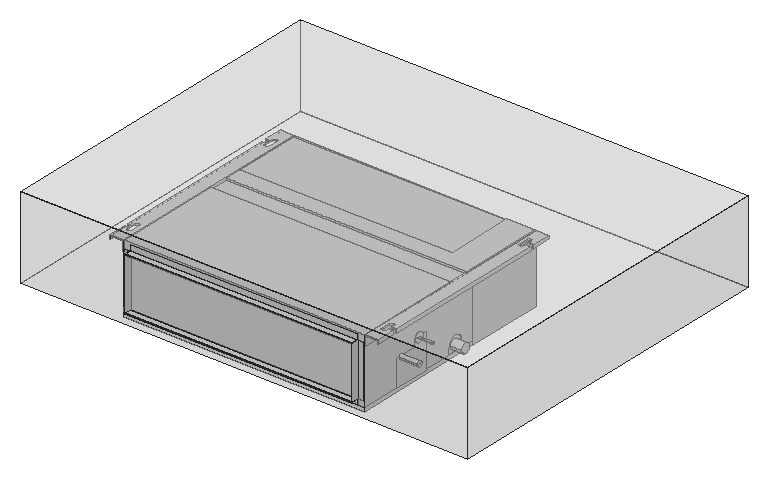
Revit family "outputfile", category 機械設備, Revit 2024
Family settings
  丸型コネクタ寸法 = 半径を使用
  パーツ タイプ = 標準
  OmniClass 番号 = 23.75.10.24.21.27.27
  OmniClass タイトル = Split System Air Conditioning Units
  作業面ベース = いいえ
  常に垂直 = はい
  ロード時にボイドで切り取り = いいえ
  注釈の向きを維持 = いいえ
  共有 = いいえ
  部屋計算ポイント = はい
Parameters (values of type "FXDQ20PDVT4")
  Description = ""
  製造元 = "Daikin"
  書き出し IFC クラス(タイプ) = "IfcUnitaryEquipmentType"
  定義済み IFC タイプ(タイプ) = "AIRCONDITIONINGUNIT"
  Cost = 0
  モデル = "FXDQ20PDVT4"
  Type Comments = ""
  Keynote = ""
  Type Image = (empty or 0)
  Assembly Code = ""
  w_pipe = 33.0 mm
  r_Liquid Pipe Size = Liquid Pipe Size / 2  # 3.2 mm
  r_Gas Pipe Size = Gas Pipe Size / 2  # 6.35 mm
  r_Drain Pipe Size = Drain Pipe Size / 2  # 10.0 mm
  lw_powersupply = 304.0 mm
  lh_suctionflange [instance] = if(Rear Connection_Return Air, 100.0 mm + [h***], 190.0 mm + [h***])  # 100.0 mm
  ld_suctionflange [instance] = if(Rear Connection_Return Air, 190.0 mm, 100.0 mm)  # 190.0 mm
  ld_powersupply = 60.0 mm
  angle_vertical_RA [instance] = if(Rear Connection_Return Air, 90.00°, 0.00°)  # 90.00°
  angle horizontal_RA [instance] = if(Rear Connection_Return Air, 180.00°, 270.00°)  # 180.00°
  Voltage_comment_60Hz = "220"
  Voltage_comment_50Hz = "220-240"
  Voltage_60Hz = 220 V
  Voltage_50Hz = 220 V
  URL = ""
  Supply Air Direction [instance] = yes
  Sound Power Level_H speed (dB) = 54
  Rear Connection_Return Air [instance] = not(Bottom Connection_Return Air)  # yes
  RA_length = 190.0 mm  # constant formula
  Phase_60Hz = 1
  Phase_50Hz = 1
  Minimum External Static Pressure = 10.00 Pa
  Minimum Circuit Amps_60Hz = 0.8 A
  Minimum Circuit Amps_50Hz = 0.7 A
  Maximum Fuse Amps_60Hz = 16.0 A
  Maximum Fuse Amps_50Hz = 16.0 A
  Maximum External Static Pressure = 30.00 Pa
  Material_Casing = DAIKIN_GalvanizedSteel_Casing_indoorunit
  lw_liquidpipe = 46.0 mm  # constant formula
  lw_gaspipe = 57.0 mm  # constant formula
  lw_mountinghole_pitch = 740.0 mm  # constant formula
  lw_mountinghole = 20.0 mm  # constant formula
  lw_drainpipe = 33.0 mm  # constant formula
  lh_powersupply = 10.0 mm
  lh_liquidpipe = 110.0 mm
  lh_gaspipe = 87.0 mm
  lh_mountinghole = Height + [h***]  # 200.0 mm
  lh_drainpipe = 30.0 mm
  lh_antena = 1.0 mm  # constant formula
  ld_liquidpipe = 193.0 mm  # constant formula
  ld_gaspipe = 130.0 mm  # constant formula
  ld_mountinghole_pitch = 500.0 mm  # constant formula
  ld_drainpipe = 280.0 mm
  ld_controlbox = 626.0 mm  # constant formula
  h*** = 0.0 mm  # constant formula
  d_dischargeflange = 21.2 mm  # constant formula
  Width = 700.0 mm
  Version = "ver.1.0"
  Unit Type = "Slim Duct (Standard) Type"
  Unit Mass Weight = 23.00 kg
  Unit Designation [instance] = ""
  Uniclass2015Version = "Products v1.30"
  Uniclass2015Title = "Variable refrigerant flow units"
  Uniclass2015Code = "Pr_70_65_03_94"
  Total Heating Capacity [instance] = 0.000 kW
  Total Cooling Capacity [instance] = 0.000 kW
  Sound Pressure Level_M speed (dBA) = 0
  Sound Pressure Level_L speed (dBA) = 23
  Sound Pressure Level_H speed (dBA) = 28
  Series = "VRV Fan Coil Unit"
  Sensible Cooling Capacity [instance] = 0.000 kW
  SA Duct Size Width = 660.0 mm
  SA Duct Size Height = 153.0 mm
  Refrigerant Type = "R410A"
  RA Duct Size Width = 600.0 mm
  RA Duct Size Height = 180.0 mm
  Power Input (Heating) = 0.067 kW
  Power Input (Cooling) = 0.067 kW
  Option Accessory 3 [instance] = ""
  Option Accessory 2 [instance] = ""
  Option Accessory 1 [instance] = ""
  Nominal Heating Capacity = 2.500 kW
  Nominal Cooling Capacity = 2.200 kW
  Minimum Airflow = 384.00 m³/h
  Median Airflow = 432.00 m³/h
  Maximum Airflow = 480.00 m³/h
  Load Classification = HVAC
  Liquid Pipe Size = 6.4 mm
  Link_Nested Family [instance] = ""
  IfcVersion = "0"
  IfcExportType = "AIRCONDITIONINGUNIT"
  IfcExportAs = "IfcUnitaryEquipmentType"
  Height = 200.0 mm
  Heating Entering Wet Bulb Temperature [instance] = 0.00 °C
  Heating Entering Dry Bulb Temperature [instance] = 0.00 °C
  Heating Ambient Wet Bulb Temperature [instance] = 0.00 °C
  Heating Ambient Dry Bulb Temperature [instance] = 0.00 °C
  Heat Exchanger Type = "Cross Fin Coil"
  Gas Pipe Size = 12.7 mm
  Frequency_60Hz = 60 Hz
  Frequency_50Hz = 50 Hz
  Fan Type = "Sirocco Fan"
  Fan Drive = "Direct Drive"
  FCU Tag No. [instance] = ""
  Drain Pipe Size = 20.0 mm
  Design Supply Airflow [instance] = 0.00 m³/h
  Design Return Airflow [instance] = 0.00 m³/h
  Design External Static Pressure [instance] = 0.00 Pa
  Depth = 620.0 mm
  既定の高さ = 0.0 mm
  Cooling Entering Wet Bulb Temperature [instance] = 0.00 °C
  Cooling Entering Dry Bulb Temperature [instance] = 0.00 °C
  Cooling Ambient Wet Bulb Temperature [instance] = 0.00 °C
  Cooling Ambient Dry Bulb Temperature [instance] = 0.00 °C
  Clearance visibility [instance] = yes
  Clearance Top = 20.0 mm
  Clearance Right = 300.0 mm
  Clearance Rear = 400.0 mm
  Clearance Left = 300.0 mm
  Clearance Front = 0.0 mm
  Clearance Bottom = 20.0 mm
  Bottom Connection_Return Air [instance] = no
Reference planes
  plane 1 "Center (Front/Back)": y = 0
  plane 2: z = 0
  plane 3 "Center (Left/Right)": x = 0
  plane 4 "Back": y = 310
  plane 5 "Front": y = -310
  plane 6 "Left": x = -350
  plane 7 "Right": x = 350
  plane 8 "Top": z = 0
  plane 9 "Bottom": z = -200
  plane 10: x = 330
  plane 11: x = -330
  plane 12: z = -190
  plane 13: z = -6
  plane 14: z = -22
  plane 15: z = -90
  plane 16: z = -113
  plane 17: x = -304
  plane 18: x = 304
  plane 19: x = -370
  plane 20: x = 370
  plane 21: y = -250
  plane 22: y = 250
  plane 23: x = -390
  plane 24: x = 390
  plane 25: x = 396
  plane 26: x = 407
  plane 27: x = 383
  plane 28: z = 0
  plane 29: z = -170
  plane 30 "Clearance Left": x = -650
  plane 31 "Clearance Right": x = 650
  plane 32 "Clearance Rear": y = 710
  plane 33 "Clearance Front": y = -310
  plane 34 "Clearance Top": z = 20
  plane 35 "Clearance Bottom": z = -220
  plane 36: z = -21
  plane 37: z = -170
  plane 38: z = -96.5
  plane 39: x = -40
  plane 40: y = -180
  plane 41: y = -117
  plane 42: y = -30
  plane 43: y = 20
  plane 44: z = -97.5
  plane 45: y = -309
  plane 46: x = -349
  plane 47: z = -100
  plane 48: z = -30
  plane 49: y = 210
  plane 50: z = 301
  plane 51: z = -199
  plane 52: y = 120
  plane 53: z = -101
  plane 54: x = 380
  plane 55: z = 11
  plane 56: z = 102.5
Forms (mm)
  Extrusion 1, solid
    sketch origin (0, 0, 0) x (1, 0, 0) y (0, 0, 1)
      loop
        line (-350, -190) -> (-350, -200) -> (350, -200) -> (350, -190) -> (-350, -190)
    from -84 to 310
  Extrusion 2, solid, material "DAIKIN_GalvanizedSteel_Casing_indoorunit" <- "Material_Casing"
    sketch origin (0, 0, 0) x (1, 0, 0) y (0, 1, 0)
      loop
        line (-350, -309) -> (350, -309) -> (350, 310) -> (-350, 310) -> (-350, -309)
    from -200 to 0
  Extrusion 3, void
    sketch origin (0, 0, 1) x (1, 0, 0) y (0, 1, 0)
      loop
        line (-350, 62.179) -> (-350, 4.179) -> (350, 4.179) -> (350, 62.179) -> (-350, 62.179)
    from -1 to -7
  Extrusion 4, void
    sketch origin (0, 0, 0) x (0, 1, 0) y (0, 0, 1)
      loop
        line (-5, -190) -> (45, -190) -> (45, -170)
        arc (45, -170) -> (20, -145) -> (-5, -170) r 25
        line (-5, -170) -> (-5, -190)
    from 350 to 345
  Revolve 5, solid, material "DAIKIN_GalvanizedSteel_Casing_indoorunit" <- "Material_Casing"
    sketch origin (0, 0, -113) x (0, -1, 0) y (1, 0, 0)
      loop
        line (173.65, 351) -> (180, 351) -> (180, 407) -> (173.65, 407) -> (173.65, 351)
      axis (180, 351) -> (180, 407)
    angle from 0 to 360
  Revolve 6, solid, material "DAIKIN_GalvanizedSteel_Casing_indoorunit" <- "Material_Casing"
    sketch origin (0, 0, -90) x (0, -1, 0) y (1, 0, 0)
      loop
        line (117, 351) -> (117, 396) -> (113.8, 396) -> (113.8, 351) -> (117, 351)
      axis (117, 396) -> (117, 351)
    angle from 0 to 360
  Extrusion 7, solid, material "DAIKIN_GalvanizedSteel_Casing_indoorunit" <- "Material_Casing"
    sketch origin (0, 0, 0) x (0, 1, 0) y (0, 0, 1)
      loop
        circle (-116, -90) r 12.7
    from 350 to 355.007
  Extrusion 8, solid, material "DAIKIN_GalvanizedSteel_Casing_indoorunit" <- "Material_Casing"
    sketch origin (0, 0, 0) x (0, 1, 0) y (0, 0, 1)
      loop
        circle (20, -170) r 13
    from 345 to 380
  Extrusion 9, solid, material "DAIKIN_GalvanizedSteel_Casing_indoorunit" <- "Material_Casing"
    sketch origin (0, 0, 0) x (1, 0, 0) y (0, 0, 1)
      loop
        line (-350, -190) -> (-350, -200) -> (350, -200) -> (350, -190) -> (-350, -190)
    from -84 to 310
  Extrusion 10, solid, material "DAIKIN_GalvanizedSteel_Casing_indoorunit" <- "Material_Casing", visible <- "Bottom Connection_Return Air"
    sketch origin (0, 0, 0) x (1, 0, 0) y (0, 0, 1)
      loop
        line (269, -200) -> (269, -1) -> (-349, -1) -> (-349, -200) -> (269, -200)
    from -310 to -309
  Extrusion 11, void
    sketch origin (0, 0, 0) x (1, 0, 0) y (0, 0, 1)
      loop
        line (269, 0) -> (-349, 0) -> (-349, -1) -> (269, -1) -> (269, 0)
    from -310 to -111
  Extrusion 12, solid, material "DAIKIN_GalvanizedSteel_Casing_indoorunit" <- "Material_Casing", visible <- "Rear Connection_Return Air"
    sketch origin (0, 0, 0) x (1, 0, 0) y (0, 1, 0)
      loop
        line (-349, 310) -> (-349, 111) -> (269, 111) -> (269, 310) -> (-349, 310)
    from -200 to -199
  Extrusion 13, solid, material "DAIKIN_GalvanizedSteel_Casing_indoorunit" <- "Material_Casing"
    sketch origin (0, 0, 0) x (0, 1, 0) y (0, 0, 1)
      loop
        line (-194, -113) -> (-194, -190) -> (-88.3, -190) -> (-88.3, -90) -> (-103.3, -90)
        arc (-103.3, -90) -> (-116, -102.7) -> (-128.7, -90) r 12.7
        line (-128.7, -90) -> (-128.7, -113) -> (-173.65, -113)
        arc (-173.65, -113) -> (-180, -119.35) -> (-186.35, -113) r 6.35
        line (-186.35, -113) -> (-194, -113)
    from 351 to 350
  Extrusion 14, solid, material "DAIKIN_GalvanizedSteel_Casing_indoorunit" <- "Material_Casing"
    sketch origin (0, 0, 0) x (0, 1, 0) y (0, 0, 1)
      loop
        line (84, -199) -> (310, -199) -> (310, -22) -> (91, -22) -> (84, -29) -> (84, -199)
    from 351 to 350
Cuts and joins
  Extrusion 3, Extrusion 4, Extrusion 11 cuts Extrusion 2
  Extrusion 4 cuts Extrusion 1
  Extrusion 11 cuts Extrusion 9
Dimensions and locks
  "lh_powersupply": plane 12 to plane 9 "Bottom"
  locked: plane 8 "Top" to plane 13 at 6
  "Height": plane 8 "Top" to plane 9 "Bottom"
  equal spacing: plane 17, plane 3 "Center (Left/Right)", plane 18, locked at 304 each
  locked: plane 17 to plane 18 at 608
  equal spacing: plane 19, plane 3 "Center (Left/Right)", plane 20, locked at 370 each
  "lw_mountinghole_pitch": plane 19 to plane 20
  locked: plane 14 to plane 9 "Bottom" at 178
  "lw_mountinghole": plane 23 to plane 19
  "lh_liquidpipe": plane 15 to plane 9 "Bottom"
  "lh_gaspipe": plane 16 to plane 9 "Bottom"
  "lh_mountinghole": plane 28 to plane 9 "Bottom"
  "ld_mountinghole_pitch": plane 22 to plane 21
  equal spacing: plane 6 "Left", plane 3 "Center (Left/Right)", plane 7 "Right", locked at 350 each
  "Width": plane 6 "Left" to plane 7 "Right"
  "lh_drainpipe": plane 29 to plane 9 "Bottom"
  "Clearance Right": plane 7 "Right" to plane 31 "Clearance Right"
  "Clearance Left": plane 30 "Clearance Left" to plane 6 "Left"
  "lw_gaspipe": plane 7 "Right" to plane 26
  "lw_liquidpipe": plane 7 "Right" to plane 25
  "lw_drainpipe": plane 7 "Right" to plane 27
  "Clearance Rear": plane 32 "Clearance Rear" to plane 4 "Back"
  "Clearance Front": plane 5 "Front" to plane 33 "Clearance Front"
  "Clearance Top": plane 34 "Clearance Top" to plane 8 "Top"
  "Clearance Bottom": plane 9 "Bottom" to plane 35 "Clearance Bottom"
  "ld_powersupply": plane 4 "Back" to plane 22
  "lw_powersupply": plane 3 "Center (Left/Right)" to plane 18
  locked: plane 8 "Top" to plane 36 at 21
  locked: plane 8 "Top" to plane 37 at 170
  locked: plane 40 to plane 41 at 63
  locked: plane 38 to plane 9 "Bottom" at 103.5
  locked: plane 36 to plane 44 at 76.5
  "Depth": plane 4 "Back" to plane 5 "Front"
  equal spacing: plane 4 "Back", plane 1 "Center (Front/Back)", plane 5 "Front"
  locked: plane 45 to plane 5 "Front" at 1
  locked: plane 46 to plane 6 "Left" at 1
  Extrusion 10 sketch curve to Extrusion 10 sketch curve = 199.0 mm
  locked: nested 12 to plane 39 at 300
  locked: plane 12 to plane 47 at 90
  plane 32 "Clearance Rear" to Extrusion 10 = 401.0 mm
  locked: plane 48 to plane 35 "Clearance Bottom" at 190
  locked: plane 49 to nested 13 at 90
  plane 50 to plane 28 = 301.0 mm
  locked: plane 51 to plane 9 "Bottom" at 1
  "ld_suctionflange": plane 4 "Back" to plane 52
  locked: plane 53 to plane 9 "Bottom" at 99
  locked: plane 54 to plane 7 "Right" at 30
  aligned and locked: level to plane 2
  aligned and locked: Extrusion 2 to plane 9 "Bottom"
  aligned and locked: plane 8 "Top" to Extrusion 2
  aligned and locked: Revolve 5 sketch curve to Revolve 5 sketch curve
  aligned and locked: plane 15 to Extrusion 7 sketch curve
  aligned and locked: cut or joined group of Extrusion 1, Extrusion 4 to plane 9 "Bottom"
  aligned and locked: plane 24 to nested 1
  aligned and locked: nested 1 to plane 23
  aligned and locked: plane 25 to nested 6
  aligned and locked: nested 6 to plane 15
  aligned and locked: nested 2 to plane 22
  aligned and locked: plane 20 to nested 2
  aligned and locked: plane 20 to nested 3
  aligned and locked: plane 19 to nested 4
  aligned and locked: plane 22 to nested 5
  aligned and locked: nested 5 to plane 22
  aligned and locked: plane 19 to nested 5
  aligned and locked: plane 22 to nested 11
  aligned and locked: plane 18 to nested 11  (x2)
  aligned and locked: nested 11 to plane 18
  aligned and locked: plane 4 "Back" to nested 11
  aligned and locked: cut or joined group of Extrusion 2, Extrusion 3, Extrusion 4, Extrusion 11 to nested 11
  aligned and locked: nested 11 to plane 12
  aligned and locked: plane 8 "Top" to nested 1
  aligned and locked: Extrusion 9 to plane 5 "Front"
  aligned and locked: Extrusion 9 to plane 9 "Bottom"
  aligned and locked: nested 7 to plane 16
  aligned and locked: plane 4 "Back" to nested 1
  aligned and locked: plane 40 to nested 7
  aligned and locked: plane 41 to nested 6
  aligned and locked: Extrusion 8 sketch curve to plane 43
  aligned and locked: nested 12 to plane 46
  aligned and locked: plane 4 "Back" to Extrusion 11
  aligned and locked: Extrusion 12 to nested 13
  aligned and locked: plane 8 "Top" to Extrusion 3
  aligned and locked: Extrusion 10 to cut or joined group of Extrusion 2, Extrusion 3, Extrusion 4, Extrusion 11
  aligned and locked: plane 9 "Bottom" to Extrusion 12  (x2)
  aligned and locked: Extrusion 12 to plane 51
  aligned and locked: plane 4 "Back" to nested 12
  aligned and locked: Extrusion 11 to level
  aligned and locked: plane 32 "Clearance Rear" to nested 14
  aligned and locked: plane 31 "Clearance Right" to nested 14
  aligned and locked: plane 30 "Clearance Left" to nested 14
  aligned and locked: nested 14 to plane 33 "Clearance Front"
  aligned and locked: nested 14 to plane 34 "Clearance Top"
  aligned and locked: nested 14 to plane 35 "Clearance Bottom"
  aligned and locked: plane 7 "Right" to Extrusion 13
  aligned and locked: plane 4 "Back" to Extrusion 14
  aligned and locked: Extrusion 14 to plane 51
  aligned and locked: plane 7 "Right" to Extrusion 14
  aligned and locked: Extrusion 13 to Revolve 5 sketch curve
  aligned and locked: Extrusion 3 to plane 13
  aligned and locked: plane 52 to nested 15
  aligned and locked: Extrusion 11 to nested 13
  aligned and locked: Extrusion 8 to plane 54
  aligned and locked: nested 8 to plane 54
  aligned and locked: plane 43 to nested 8
  aligned and locked: nested 8 to plane 37
  aligned and locked: nested 10 to plane 1 "Center (Front/Back)"
  aligned and locked: plane 46 to Extrusion 10
  aligned and locked: nested 12 to plane 51
  aligned and locked: plane 3 "Center (Left/Right)" to nested 10
  aligned and locked: plane 13 to nested 16
  aligned and locked: plane 45 to nested 16
  aligned and locked: plane 44 to nested 9
  aligned and locked: level to plane 8 "Top"
Automatic sketch dimensions
  Extrusion 1 sketch curve to plane 6 "Left" = 0.0 mm
  Extrusion 1 sketch curve to plane 7 "Right" = 0.0 mm
  Extrusion 1 sketch curve to plane 9 "Bottom" = 0.0 mm
  Extrusion 1 sketch curve to plane 12 = 0.0 mm
  Extrusion 2 sketch curve to plane 4 "Back" = 0.0 mm
  Extrusion 2 sketch curve to plane 6 "Left" = 0.0 mm
  Extrusion 2 sketch curve to plane 7 "Right" = 0.0 mm
  Extrusion 2 sketch curve to plane 45 = 0.0 mm
  Extrusion 3 sketch curve to plane 6 "Left" = 0.0 mm
  Extrusion 3 sketch curve to plane 7 "Right" = 0.0 mm
  Extrusion 3 sketch curve to plane 1 "Center (Front/Back)" = 4.179 mm
  plane 43 to Extrusion 3 sketch curve = 42.179 mm
  Extrusion 4 sketch curve to plane 37 = 0.0 mm
  Extrusion 4 sketch curve to plane 12 = 0.0 mm
  Extrusion 4 sketch curve to plane 43 = 0.0 mm
  plane 1 "Center (Front/Back)" to Extrusion 4 sketch curve = 5.0 mm
  Revolve 6 sketch curve to plane 25 = 0.0 mm  (x2)
  Revolve 6 sketch curve to plane 41 = 0.0 mm  (x2)
  plane 41 to Revolve 6 sketch curve = 3.2 mm
  plane 7 "Right" to Revolve 6 sketch curve = 1.0 mm
  Revolve 6 sketch curve to Revolve 6 sketch curve = 0.0 mm
  plane 41 to Extrusion 7 sketch curve = 1.0 mm
  Extrusion 8 sketch curve to plane 37 = 0.0 mm
  Extrusion 9 sketch curve to plane 6 "Left" = 0.0 mm
  Extrusion 9 sketch curve to plane 7 "Right" = 0.0 mm
  Extrusion 9 sketch curve to plane 9 "Bottom" = 0.0 mm
  Extrusion 9 sketch curve to plane 12 = 0.0 mm
  plane 46 to Extrusion 10 sketch curve = 0.0 mm
  Extrusion 10 sketch curve to plane 18 = 35.0 mm
  plane 46 to Extrusion 11 sketch curve = 0.0 mm
  Extrusion 11 sketch curve to plane 18 = 35.0 mm
  Extrusion 11 sketch curve to plane 8 "Top" = 1.0 mm
  Extrusion 12 sketch curve to plane 46 = 0.0 mm
  Extrusion 12 sketch curve to plane 4 "Back" = 0.0 mm
  Extrusion 12 sketch curve to plane 18 = 35.0 mm
  plane 43 to Extrusion 12 sketch curve = 91.0 mm
  plane 35 "Clearance Bottom" to Extrusion 11 sketch curve = 220.0 mm
  Extrusion 10 sketch curve to plane 51 = 1.0 mm
  Extrusion 13 sketch curve to plane 12 = 0.0 mm
  Extrusion 13 sketch curve to plane 16 = 0.0 mm
  Extrusion 13 sketch curve to plane 40 = 0.0 mm
  Extrusion 13 sketch curve to plane 15 = 0.0 mm
  Extrusion 13 sketch curve to Extrusion 13 sketch curve = 6.35 mm
  Extrusion 13 sketch curve to Extrusion 13 sketch curve = 7.65 mm
  Extrusion 13 sketch curve to plane 41 = 11.7 mm
  plane 41 to Extrusion 13 sketch curve = 1.0 mm
  Extrusion 13 sketch curve to Extrusion 13 sketch curve = 27.7 mm
  Extrusion 14 sketch curve to plane 51 = 0.0 mm
  Extrusion 14 sketch curve to plane 14 = 0.0 mm
  plane 48 to Extrusion 14 sketch curve = 1.0 mm
  plane 43 to Extrusion 14 sketch curve = 64.0 mm
  Extrusion 14 sketch curve to Extrusion 14 sketch curve = 7.0 mm
  Extrusion 14 sketch curve to plane 4 "Back" = 0.0 mm
  Revolve 5 sketch curve to plane 26 = 0.0 mm
  Revolve 5 sketch curve to plane 40 = 0.0 mm
  Revolve 5 sketch curve to Revolve 5 sketch curve = 1.003 mm  (x2)
  plane 40 to Revolve 5 sketch curve = 6.35 mm
  radius of Extrusion 7 sketch curve = 12.7 mm
  radius of Extrusion 8 sketch curve = 13.0 mm
Nested families
  nested 1: "daikin_hangerfixture_FXDQ-PDVT4" at (0, 0.5, 0), type "daikin_hangerfixture_FXDQ-PDVT4"
  nested 2: "daikin_mountinghole" at (370, 250, -200), l_antenna <- "lh_antena", Link_Nested Family <- "Link_Nested Family", h_mountinghole <- "lh_mountinghole", type "daikin_mountinghole"
    with show yes, l_antenna 1.0 mm, h_mountinghole 200.0 mm, Link_Nested Family ""
  nested 3: "daikin_mountinghole" at (370, -250, -200), Link_Nested Family <- "Link_Nested Family", l_antenna <- "lh_antena", h_mountinghole <- "lh_mountinghole", type "daikin_mountinghole"
    with show yes, l_antenna 1.0 mm, h_mountinghole 200.0 mm, Link_Nested Family ""
  nested 4: "daikin_mountinghole" at (-370, -250, -200), l_antenna <- "lh_antena", Link_Nested Family <- "Link_Nested Family", h_mountinghole <- "lh_mountinghole", type "daikin_mountinghole"
    with show yes, l_antenna 1.0 mm, h_mountinghole 200.0 mm, Link_Nested Family ""
  nested 5: "daikin_mountinghole" at (-370, 250, -200), l_antenna <- "lh_antena", Link_Nested Family <- "Link_Nested Family", h_mountinghole <- "lh_mountinghole", type "daikin_mountinghole"
    with show yes, l_antenna 1.0 mm, h_mountinghole 200.0 mm, Link_Nested Family ""
  nested 6: "daikin_connector_rotate2" at (350, -117, -90) x (0, 1, 0) z (0, 0, 1), length <- "lw_liquidpipe", built-in parameter 1001364 <- "lh_liquidpipe", radius <- "r_Liquid Pipe Size", type "daikin_connector_rotate2"
    with radius 3.2 mm, length 46.0 mm, angle_vertical 90.00°, show_face no
  nested 7: "daikin_connector_rotate2" at (350, -180, -113) x (0, 1, 0) z (0, 0, 1), length <- "lw_gaspipe", built-in parameter 1001364 <- "lh_gaspipe", radius <- "r_Gas Pipe Size", type "daikin_connector_rotate2"
    with radius 6.35 mm, length 57.0 mm, angle_vertical 90.00°, show_face no
  nested 8: "daikin_connector_rotate2" at (347, 20, -170) x (0, 1, 0) z (0, 0, 1), built-in parameter 1001364 <- "lh_drainpipe", length <- "lw_drainpipe", radius <- "r_Drain Pipe Size", type "daikin_connector_rotate2"
    with radius 10.0 mm, length 33.0 mm, angle_vertical 90.00°, show_face no
  nested 9: "daikin_connector_rotate2" at (0, -309, -97.5), length <- "d_dischargeflange", type "daikin_connector_rotate2"
    with radius 10.0 mm, length 21.2 mm, angle_vertical 90.00°, show_face no
  nested 10: "daikin_△_symbolicline" at (-75, -129.904, 200) x (-0.5, 0.866, 0) z (0, 0, 1), built-in parameter 1001364 <- "Height", visible <- "Supply Air Direction", type "daikin_△_symbolicline"
    with length 300.0 mm
  nested 11: "daikin_connector_rotate2" at (304, 250, -190) x (-1, 0, 0) z (0, 0, 1), built-in parameter 1001364 <- "lh_powersupply", length <- "ld_powersupply", type "daikin_connector_rotate2"
    with radius 10.0 mm, length 60.0 mm, angle_vertical 90.00°, show_face no
  nested 12: "daikin_ductflange_FXDQ-PDVT4_2" at (-40, 310, -100), visible <- "Rear Connection_Return Air", material <- "Material_Casing", type "daikin_ductflange_FXDQ-PDVT4_2"
    with width 620.0 mm, material DAIKIN_GalvanizedSteel_Casing_indoorunit, height 180.0 mm, depth 21.2 mm
  nested 13: "daikin_ductflange_FXDQ-PDVT4_2" at (-40, 210, -200) x (1, 0, 0) z (0, 1, 0), visible <- "Bottom Connection_Return Air", material <- "Material_Casing", type "daikin_ductflange_FXDQ-PDVT4_2"
    with width 620.0 mm, material DAIKIN_GalvanizedSteel_Casing_indoorunit, height 180.0 mm, depth 21.2 mm
  nested 14: "daikin_clearancespace" at (0, 200, -99.881), visible <- "Clearance visibility", show <- "Clearance visibility", Link_Nested Family <- "Link_Nested Family", type "daikin_clearancespace"
    with width 1300.0 mm, show yes, height 240.0 mm, depth 1020.0 mm, Link_Nested Family ""
  nested 15: "daikin_connector_rotate3" at (-40, 120, -100), built-in parameter 1001364 <- "lh_suctionflange", angle_vertical <- "angle_vertical_RA", angle_horizontal <- "angle horizontal_RA", length <- "RA_length", type "daikin_connector_rotate3"
    with show no, radius 10.0 mm, length 190.0 mm, angle_vertical 90.00°, angle_horizontal 180.00°
  nested 16: "daikin_ductflange_FXDQ-PDVT4_1" at (0, 4.5, -364.201), type "daikin_ductflange_FXDQ-PDVT4_1"
    with width 660.0 mm, material DAIKIN_GalvanizedSteel_Casing_indoorunit, height 155.0 mm, depth 21.2 mm
Connectors
  piping at (407, -180, -113), diameter 12.7, driven by "r_Gas Pipe Size"
    settings: on nested 7, index 1, connector inside diameter 609.6 mm, connector length 0.0 mm, flow factor 0, pipe flow 0.00 m³/h, pressure drop 0.0 Pa, fitting loss kfactor 0, connector angle 0.00°, fixture units 0, engagement length 0.0 mm, angle of deflection 0.00°, flow configuration 1, flow direction 2, fitting loss method 0, system type 29, joint type 0, gender type 0, connector reference index -1, connector utility 0, adjustable connector no, is connector primary yes, connector description "Refrigerant Gas Piping"
  piping at (396, -117, -90), diameter 6.4, driven by "r_Liquid Pipe Size"
    settings: on nested 6, index 2, connector inside diameter 609.6 mm, connector length 0.0 mm, flow factor 0, pipe flow 0.00 m³/h, pressure drop 0.0 Pa, fitting loss kfactor 0, connector angle 0.00°, fixture units 0, engagement length 0.0 mm, angle of deflection 0.00°, flow configuration 1, flow direction 1, fitting loss method 0, system type 29, joint type 0, gender type 0, connector reference index -1, connector utility 0, adjustable connector no, is connector primary no, connector description "Refrigerant Liquid Piping"
  piping at (380, 20, -170), diameter 20, driven by "r_Drain Pipe Size"
    settings: on nested 8, index 3, connector inside diameter 609.6 mm, connector length 0.0 mm, flow factor 0, pipe flow 0.00 m³/h, pressure drop 0.0 Pa, fitting loss kfactor 0, connector angle 0.00°, fixture units 0, engagement length 0.0 mm, angle of deflection 0.00°, flow configuration 1, flow direction 2, fitting loss method 4, system type 16, joint type 0, gender type 0, connector reference index -1, connector utility 0, adjustable connector no, is connector primary no, connector description "Condensate Drain Piping"
  hvac at (0, -330.2, -97.5), driven by "SA Duct Size Height", driven by "SA Duct Size Width"
    settings: on nested 9, index 7, duct flow 0.00 m³/h, flow factor 0, pres drop 0.00 Pa, loss coef 0, conn angle 0.00°, conn width 660.0 mm, conn height 153.0 mm, conn diameter 609.6 mm, duct sys type 1, conn prof type 1, flow config 0, flow direction 2, loss method 4, conn ref index -1, conn util no, is conn primary yes, conn desc "SA Duct"
  electrical at (304, 310, -190), driven by "Load Classification"
    settings: on nested 11, index 9, voltage 0 V, apparent load 0 VA, apparent load phase1 0 VA, apparent load phase2 0 VA, apparent load phase3 0 VA, power factor 1, load classification "HVAC", number of poles 1, system type 30, power factor state 1, is connector primary yes, connector utility no, sub classification motor no, connector description "Power Supply"
  hvac at (-40, 310, -100), driven by "RA Duct Size Height", driven by "RA Duct Size Width"
    settings: on nested 15, index 10, duct flow 0.00 m³/h, flow factor 0, pres drop 0.00 Pa, loss coef 0, conn angle 0.00°, conn width 600.0 mm, conn height 180.0 mm, conn diameter 609.6 mm, duct sys type 2, conn prof type 1, flow config 0, flow direction 1, loss method 4, conn ref index -1, conn util no, is conn primary no, conn desc "RA Duct"
Definition of nested family "daikin_hangerfixture_FXDQ-PDVT4"
  Parameters (values of type "daikin_hangerfixture_FXDQ-PDVE")
    width = 48.0 mm
    material = none
    height = 65.0 mm
    depth = 619.0 mm
    Default Elevation = 0.0 mm
  Reference planes
    plane 1 "Center (Front/Back)": y = 0
    plane 2: z = 0
    plane 3 "Center (Left/Right)": x = 0
    plane 4: x = 350
    plane 5: y = 309.5
    plane 6: y = -309.5
  Forms (mm)
    Extrusion 1, solid, material <- "material"
      sketch origin (0, 0, 0) x (1, 0, 0) y (0, 0, 1)
        loop
          line (350, 0) -> (350, -30) -> (352.3, -30) -> (352.3, -2.3) -> (387.7, -2.3) -> (387.7, -10) -> (390, -10) -> (390, 0) -> (350, 0)
      from -309.5 to 309.5
    Extrusion 2, void
      sketch origin (0, 0, 0) x (0, 1, 0) y (0, 0, 1)
        loop
          line (309.5, -30) -> (309.5, -17.979) -> (87.935, -17.979) -> (75.914, -30) -> (309.5, -30)
      from 0 to 618
    Extrusion 3, void
      sketch origin (0, 0, 0) x (1, 0, 0) y (0, 1, 0)
        loop
          line (390, -244) -> (377, -244) -> (377, -237.5)
          arc (377, -237.5) -> (370, -230.5) -> (363, -237.5) r 7
          line (363, -237.5) -> (363, -263.5)
          arc (363, -263.5) -> (370, -270.5) -> (377, -263.5) r 7
          line (377, -263.5) -> (377, -257) -> (390, -257) -> (390, -244)
        loop
          line (390, 243) -> (390, 256) -> (377, 256) -> (377, 262.5)
          arc (377, 262.5) -> (370, 269.5) -> (363, 262.5) r 7
          line (363, 262.5) -> (363, 236.5)
          arc (363, 236.5) -> (370, 229.5) -> (377, 236.5) r 7
          line (377, 236.5) -> (377, 243) -> (390, 243)
      from -254.96 to 618
    Extrusion 4, solid, material <- "material"
      sketch origin (0, 0, 0) x (-1, 0, 0) y (0, 0, -1)
        loop
          line (350, 0) -> (390, 0) -> (390, 10) -> (387.7, 10) -> (387.7, 2.3) -> (352.3, 2.3) -> (352.3, 30) -> (350, 30) -> (350, 0)
      from -309.5 to 309.5
    Extrusion 5, void
      sketch origin (0, 0, 0) x (-1, 0, 0) y (0, -1, 0)
        loop
          line (390, 244) -> (390, 257) -> (377, 257) -> (377, 263.5)
          arc (377, 263.5) -> (370, 270.5) -> (363, 263.5) r 7
          line (363, 263.5) -> (363, 237.5)
          arc (363, 237.5) -> (370, 230.5) -> (377, 237.5) r 7
          line (377, 237.5) -> (377, 244) -> (390, 244)
        loop
          line (390, -243) -> (377, -243) -> (377, -236.5)
          arc (377, -236.5) -> (370, -229.5) -> (363, -236.5) r 7
          line (363, -236.5) -> (363, -262.5)
          arc (363, -262.5) -> (370, -269.5) -> (377, -262.5) r 7
          line (377, -262.5) -> (377, -256) -> (390, -256) -> (390, -243)
      from -254.96 to 618
  Cuts and joins
    Extrusion 2, Extrusion 3, Extrusion 5 cuts Extrusion 1
    Extrusion 5 cuts Extrusion 4
  Dimensions and locks
    locked: plane 4 to plane 3 "Center (Left/Right)" at 350
    equal spacing: plane 5, plane 1 "Center (Front/Back)", plane 6
    "depth": plane 5 to plane 6
    locked: plane 3 "Center (Left/Right)" to plane 4 at 350
    plane 6 to plane 1 "Center (Front/Back)" to plane 5 = 309.5 mm, 309.5 mm
    aligned and locked: level to plane 2
    aligned and locked: plane 5 to Extrusion 1
    aligned and locked: Extrusion 1 to plane 6
    aligned and locked: Extrusion 1 to plane 4
    aligned and locked: plane 5 to cut or joined group of Extrusion 1, Extrusion 2, Extrusion 3, Extrusion 5
    aligned and locked: cut or joined group of Extrusion 1, Extrusion 2, Extrusion 3, Extrusion 5 to plane 6
    aligned and locked: level to cut or joined group of Extrusion 1, Extrusion 2, Extrusion 3, Extrusion 5
    aligned and locked: plane 5 to cut or joined group of Extrusion 4, Extrusion 5
    aligned and locked: cut or joined group of Extrusion 4, Extrusion 5 to plane 6
  Automatic sketch dimensions
    Extrusion 1 sketch curve to plane 4 = 0.0 mm
    Extrusion 1 sketch curve to level = 0.0 mm
    plane 4 to Extrusion 1 sketch curve = 2.3 mm
    Extrusion 1 sketch curve to level = 2.3 mm
    Extrusion 1 sketch curve to Extrusion 1 sketch curve = 35.4 mm
    Extrusion 1 sketch curve to Extrusion 1 sketch curve = 2.3 mm
    Extrusion 1 sketch curve to Extrusion 1 sketch curve = 7.7 mm
    Extrusion 1 sketch curve to Extrusion 1 sketch curve = 27.7 mm
    Extrusion 2 sketch curve to plane 5 = 0.0 mm
    Extrusion 2 sketch curve to level = 17.979 mm
    Extrusion 2 sketch curve to plane 1 "Center (Front/Back)" = 87.935 mm
    Extrusion 2 sketch curve to level = 30.0 mm
    Extrusion 2 sketch curve to Extrusion 2 sketch curve = 12.021 mm
    plane 4 to Extrusion 3 sketch curve = 13.0 mm  (x2)
    Extrusion 3 sketch curve to Extrusion 3 sketch curve = 7.0 mm  (x4)
    Extrusion 3 sketch curve to Extrusion 3 sketch curve = 13.0 mm  (x4)
    plane 6 to Extrusion 3 sketch curve = 46.0 mm
    Extrusion 3 sketch curve to Extrusion 3 sketch curve = 6.5 mm  (x4)
    Extrusion 3 sketch curve to plane 5 = 73.0 mm
    Extrusion 4 sketch curve to level = 0.0 mm
    Extrusion 4 sketch curve to level = 30.0 mm
    Extrusion 4 sketch curve to plane 3 "Center (Left/Right)" = 350.0 mm
    Extrusion 4 sketch curve to Extrusion 4 sketch curve = 2.3 mm  (x2)
    Extrusion 4 sketch curve to level = 2.3 mm
    Extrusion 4 sketch curve to Extrusion 4 sketch curve = 35.4 mm
    Extrusion 4 sketch curve to Extrusion 4 sketch curve = 7.7 mm
    Extrusion 5 sketch curve to plane 5 = 73.0 mm
    Extrusion 5 sketch curve to plane 3 "Center (Left/Right)" = 363.0 mm  (x2)
    plane 6 to Extrusion 5 sketch curve = 72.0 mm
    Extrusion 5 sketch curve to Extrusion 5 sketch curve = 7.0 mm  (x4)
    Extrusion 5 sketch curve to Extrusion 5 sketch curve = 13.0 mm  (x4)
    Extrusion 5 sketch curve to Extrusion 5 sketch curve = 6.5 mm  (x4)
Definition of nested family "daikin_ductflange_FXDQ-PDVT4_2"
  Parameters (values of type "daikin_ductflange_FXDQ-PDVE2")
    width [instance] = 620.0 mm
    material [instance] = none
    height [instance] = 180.0 mm
    depth [instance] = 21.2 mm
    Default Elevation = 0.0 mm
  Reference planes
    plane 1 "Center (Front/Back)": y = 0
    plane 2: z = 0
    plane 3 "Center (Left/Right)": x = 0
    plane 4: y = -313.5
    plane 5: y = -334.7
    plane 6: x = -310
    plane 7: x = 310
    plane 8: z = 90
    plane 9: z = -90
    plane 10: z = 100
    plane 11: z = -100
    plane 12: x = -309
    plane 13: x = 309
  Forms (mm)
    Extrusion 1, solid, material <- "material"
      sketch origin (0, 0, 0) x (1, 0, 0) y (0, 0, 1)
        loop
          line (-300, 90) -> (-300, -90) -> (300, -90) -> (300, 90) -> (-300, 90)
        loop
          line (-309, -99) -> (309, -99) -> (309, 99) -> (-309, 99) -> (-309, -99)
      from 0 to 1
  Dimensions and locks
    plane 4 to plane 1 "Center (Front/Back)" = 313.5 mm
    "depth": plane 5 to plane 4
    equal spacing: plane 7, plane 3 "Center (Left/Right)", plane 6, locked at 310 each
    "width": plane 7 to plane 6
    equal spacing: plane 8, level, plane 9, locked at 90 each
    "height": plane 8 to plane 9
    equal spacing: plane 10, level, plane 11, locked at 100 each
    locked: plane 10 to plane 11 at 200
    plane 12 to plane 6 = 1.0 mm
    locked: plane 7 to plane 13 at 1
    locked: Extrusion 1 sketch curve to Extrusion 1 sketch curve at 9  (x4)
    locked: plane 10 to Extrusion 1 sketch curve at 1
    locked: Extrusion 1 sketch curve to plane 11 at 1
    aligned and locked: level to plane 2
  Automatic sketch dimensions
    plane 6 to Extrusion 1 sketch curve = 1.0 mm
    Extrusion 1 sketch curve to plane 7 = 1.0 mm
Definition of nested family "daikin_clearancespace"
  Parameters (values of type "daikin_clearancespace")
    width [instance] = 1823.963 mm
    show [instance] = yes
    material = none
    height [instance] = 1359.762 mm
    depth [instance] = 880.0 mm
    Default Elevation = 0.0 mm
    Link_Nested Family [instance] = ""
  Reference planes
    plane 1 "Center (Front/Back)": y = 0
    plane 2 "Center (Elevation)": z = -0.119
    plane 3 "Center (Left/Right)": x = 0
    plane 4: y = 440
    plane 5: y = -440
    plane 6 "Right": x = 911.982
    plane 7 "Left": x = -911.982
    plane 8 "Top": z = 679.762
    plane 9 "Bottom": z = -680
  Forms (mm)
    Extrusion 1, solid, material <- "material", visible <- "show"
      sketch origin (0, 0, 0) x (1, 0, 0) y (0, 1, 0)
        loop
          line (-911.982, 440) -> (-911.982, -440) -> (911.982, -440) -> (911.982, 440) -> (-911.982, 440)
      from -680 to 679.762
  Lines and regions (mm)
    symbolic lines, visible <- "show"
      curve 1: line (911.982, 440, 0) -> (-911.982, 440, 0)
      curve 2: line (-911.982, 440, 0) -> (-911.982, -440, 0)
      curve 3: line (-911.982, -440, 0) -> (911.982, -440, 0)
      curve 4: line (911.982, -440, 0) -> (911.982, 440, 0)
      curve 5: line (911.982, 0, 679.762) -> (-911.982, 0, 679.762)
      curve 6: line (911.982, 0, -680) -> (911.982, 0, 679.762)
      curve 7: line (-911.982, 0, -680) -> (911.982, 0, -680)
      curve 8: line (-911.982, 0, 679.762) -> (-911.982, 0, -680)
      curve 9: line (0, 440, 679.762) -> (0, -440, 679.762)
      curve 10: line (0, -440, 679.762) -> (0, -440, -680)
      curve 11: line (0, 440, -680) -> (0, 440, 679.762)
      curve 12: line (0, -440, -680) -> (0, 440, -680)
  Dimensions and locks
    "width": plane 7 "Left" to plane 6 "Right"
    "depth": plane 4 to plane 5
    "height": plane 8 "Top" to plane 9 "Bottom"
    equal spacing: plane 7 "Left", plane 3 "Center (Left/Right)", plane 6 "Right"
    equal spacing: plane 4, plane 1 "Center (Front/Back)", plane 5
    equal spacing: plane 8 "Top", plane 2 "Center (Elevation)", plane 9 "Bottom"
    aligned and locked: level to plane 2 "Center (Elevation)"
    aligned and locked: Extrusion 1 sketch curve to plane 4
    aligned and locked: plane 7 "Left" to Extrusion 1 sketch curve
    aligned and locked: Extrusion 1 sketch curve to plane 5
    aligned and locked: Extrusion 1 sketch curve to plane 6 "Right"
    aligned and locked: plane 8 "Top" to Extrusion 1
    aligned and locked: curve 1 to Extrusion 1
    aligned and locked: curve 2 to Extrusion 1
    aligned and locked: curve 3 to Extrusion 1
    aligned and locked: curve 4 to Extrusion 1
    aligned and locked: curve 5 to Extrusion 1
    aligned and locked: curve 6 to Extrusion 1
    aligned and locked: curve 7 to Extrusion 1
    aligned and locked: curve 8 to Extrusion 1
    aligned and locked: curve 9 to Extrusion 1
    aligned and locked: curve 10 to Extrusion 1
    aligned and locked: curve 11 to Extrusion 1
    aligned and locked: curve 12 to Extrusion 1
    aligned and locked: Extrusion 1 to plane 9 "Bottom"
Definition of nested family "daikin_ductflange_FXDQ-PDVT4_1"
  Parameters (values of type "daikin_ductflange_FXDQ-PDVET")
    width [instance] = 660.0 mm
    material [instance] = none
    height [instance] = 155.0 mm
    depth [instance] = 21.2 mm
    Default Elevation = 0.0 mm
  Reference planes
    plane 1 "Center (Front/Back)": y = 0
    plane 2: z = 189.201
    plane 3 "Center (Left/Right)": x = 0
    plane 4: y = -313.5
    plane 5: x = -330
    plane 6: x = 330
    plane 7: y = -334.7
    plane 8: z = 344.201
    plane 9: z = 266.701
    plane 10: z = 343.201
    plane 11: z = 190.201
  Forms (mm)
    Extrusion 1, solid, material <- "material"
      sketch origin (0, 0, 189.201) x (1, 0, 0) y (0, 1, 0)
        loop
          line (-330, -334.7) -> (-330, -313.5) -> (-348, -313.5) -> (-348, -314.5) -> (-331, -314.5) -> (-331, -334.7) -> (-330, -334.7)
        loop
          line (330, -334.7) -> (331, -334.7) -> (331, -314.5) -> (348, -314.5) -> (348, -313.5) -> (330, -313.5) -> (330, -334.7)
      from 1 to 154
    Extrusion 2, solid, material <- "material"
      sketch origin (0, 0, 0) x (0, 1, 0) y (0, 0, 1)
        loop
          line (-313.5, 343.201) -> (-313.5, 358.201) -> (-314.5, 358.201) -> (-314.5, 344.201) -> (-334.7, 344.201) -> (-334.7, 343.201) -> (-313.5, 343.201)
        loop
          line (-313.5, 190.201) -> (-334.7, 190.201) -> (-334.7, 189.201) -> (-314.5, 189.201) -> (-314.5, 175.201) -> (-313.5, 175.201) -> (-313.5, 190.201)
      from -330 to 330
  Dimensions and locks
    plane 4 to plane 1 "Center (Front/Back)" = 313.5 mm
    "depth": plane 7 to plane 4
    equal spacing: plane 8, plane 9, level
    "height": plane 8 to level
    equal spacing: plane 6, plane 3 "Center (Left/Right)", plane 5, locked at 330 each
    "width": plane 6 to plane 5
    plane 5 to plane 6 = 660.0 mm
    locked: Extrusion 1 sketch curve to Extrusion 1 sketch curve at 660
    locked: plane 8 to plane 10 at 1
    locked: plane 11 to level at 1
    locked: Extrusion 1 to Extrusion 2 sketch curve at 1
    locked: Extrusion 2 sketch curve to Extrusion 1 at 1
    locked: Extrusion 1 sketch curve to Extrusion 1 sketch curve at 1  (x2)
    aligned and locked: level to plane 2
    aligned and locked: plane 4 to Extrusion 1  (x2)
    aligned and locked: plane 5 to Extrusion 1
    aligned and locked: Extrusion 1 to plane 7  (x2)
    aligned and locked: Extrusion 1 to plane 6
    aligned and locked: Extrusion 1 to plane 10
    aligned and locked: Extrusion 1 to plane 11
    aligned and locked: plane 10 to Extrusion 1
    aligned and locked: plane 11 to Extrusion 1
    aligned and locked: Extrusion 2 to plane 5
    aligned and locked: plane 5 to Extrusion 2
    aligned and locked: plane 6 to Extrusion 2
    aligned and locked: Extrusion 2 to plane 6
    aligned and locked: Extrusion 2 to plane 11
    aligned and locked: Extrusion 2 to plane 10
  Automatic sketch dimensions
    Extrusion 1 sketch curve to plane 4 = 0.0 mm  (x2)
    Extrusion 1 sketch curve to plane 7 = 0.0 mm  (x2)
    Extrusion 1 sketch curve to plane 5 = 0.0 mm
    Extrusion 1 sketch curve to plane 5 = 1.0 mm
    Extrusion 1 sketch curve to Extrusion 1 sketch curve = 17.0 mm  (x2)
    plane 6 to Extrusion 1 sketch curve = 1.0 mm
    Extrusion 2 sketch curve to plane 7 = 0.0 mm  (x2)
    Extrusion 2 sketch curve to plane 4 = 0.0 mm  (x2)
    Extrusion 2 sketch curve to plane 11 = 0.0 mm
    Extrusion 2 sketch curve to plane 10 = 0.0 mm
    Extrusion 2 sketch curve to plane 4 = 1.0 mm  (x2)
    Extrusion 2 sketch curve to level = 14.0 mm
    plane 8 to Extrusion 2 sketch curve = 14.0 mm
Definition of nested family "daikin_mountinghole"
  Parameters (values of type "daikin_mountinghole")
    Default Elevation = 1219.2 mm
    Type Comments = "mountinghole"
    show [instance] = yes
    material = none
    l_centerline = 100.0 mm
    l_antenna [instance] = 100.0 mm
    h_mountinghole [instance] = 0.0 mm
    d_circle = 30.0 mm
    Link_Nested Family [instance] = ""
  Reference planes
    plane 1 "Center (Front/Back)": y = 0
    plane 2: z = 0
    plane 3 "Center (Left/Right)": x = 0
    plane 4: y = 50
    plane 5: x = -50
    plane 6: x = 50
    plane 7: y = -50
    plane 8 "h_mountinghole": z = 0
    plane 9: z = 100
  Lines and regions (mm)
    model lines, detail levels fine
      curve 1: circle (0, 0, 0) r 15 normal (0, 0, 1)
      curve 2: line (-50, 0, 0) -> (50, 0, 0)
      curve 3: line (0, 50, 0) -> (0, -50, 0)
    symbolic lines, detail levels fine
      curve 4: circle (0, 0, 0) r 15 normal (0, 0, 1)
      curve 5: line (-50, 0, 0) -> (50, 0, 0)
      curve 6: line (0, 50, 0) -> (0, -50, 0)
    model lines
      curve 7: line (0, 0, 100) -> (0, 0, 0)
  Dimensions and locks
    equal spacing: plane 4, plane 1 "Center (Front/Back)", plane 7
    "l_centerline": plane 4 to plane 7
    equal spacing: plane 5, plane 3 "Center (Left/Right)", plane 6
    "l_centerline": plane 5 to plane 6
    "l_antenna": plane 9 to plane 8 "h_mountinghole"
    "h_mountinghole": plane 8 "h_mountinghole" to plane 2
    "d_circle": diameter of curve 1
    "d_circle": diameter of curve 4
    aligned and locked: level to plane 2
    aligned and locked: plane 1 "Center (Front/Back)" to curve 1
    aligned and locked: plane 3 "Center (Left/Right)" to curve 1
    aligned and locked: plane 1 "Center (Front/Back)" to curve 2
    aligned and locked: curve 3 to plane 3 "Center (Left/Right)"
    aligned and locked: plane 6 to curve 2
    aligned and locked: plane 5 to curve 2
    aligned and locked: plane 4 to curve 3
    aligned and locked: plane 7 to curve 3
    aligned and locked: plane 1 "Center (Front/Back)" to curve 4
    aligned and locked: plane 3 "Center (Left/Right)" to curve 4
    aligned and locked: plane 6 to curve 5
    aligned and locked: plane 5 to curve 5
    aligned and locked: plane 1 "Center (Front/Back)" to curve 5
    aligned and locked: plane 4 to curve 6
    aligned and locked: plane 7 to curve 6
    aligned and locked: curve 6 to plane 3 "Center (Left/Right)"
    aligned and locked: curve 7 to plane 3 "Center (Left/Right)"
    aligned and locked: plane 9 to curve 7
    aligned and locked: plane 8 "h_mountinghole" to curve 7
Definition of nested family "daikin_connector_rotate2"
  Parameters (values of type "daikin_connector_rotate2")
    show_face = yes
    radius [instance] = 10.0 mm
    length [instance] = 600.0 mm
    d_surface = 10.0 mm
    angle_vertical [instance] = 90.00°
    Default Elevation = 0.0 mm
  Reference planes
    plane 1 "Center (Front/Back)": y = 0
    plane 2: z = 0
    plane 3 "Center (Left/Right)": x = 0
  Forms (mm)
    Extrusion 1, solid, visible <- "show_face"
      sketch origin (0, -600, 0) x (1, 0, 0) y (0, 0, 1)
        loop
          circle (0, 0) r 10
      from 0 to -10
  Lines and regions (mm)
    reference lines
      curve 1: line (0, 0, 0) -> (0, -600, 0)
    symbolic lines
      curve 2: circle (0, 0, 0) r 5 normal (0, 0, 1)
    model lines, visible <- "show_face"
      curve 3: line (0, 0, 0) -> (0, -600, 0)
  Dimensions and locks
    "length": curve 1 to curve 1
    "length": curve 3 to curve 3
    "d_surface": Extrusion 1 to Extrusion 1
    "radius": radius of Extrusion 1 sketch curve
    "angle_vertical": angle curve 1 to plane 1 "Center (Front/Back)"
    "angle_vertical": angle curve 3 to plane 1 "Center (Front/Back)"
    aligned and locked: level to plane 2
    aligned and locked: plane 1 "Center (Front/Back)" to curve 1
    aligned and locked: plane 2 to curve 1
    aligned and locked: plane 1 "Center (Front/Back)" to curve 2
    aligned and locked: plane 3 "Center (Left/Right)" to curve 2
    aligned and locked: plane 1 "Center (Front/Back)" to curve 3
    aligned and locked: plane 2 to curve 3
    aligned and locked: Extrusion 1 to Extrusion 1
  Automatic sketch dimensions
    Extrusion 1 sketch curve to level = 0.0 mm
    Extrusion 1 sketch curve to plane 3 "Center (Left/Right)" = 0.0 mm
    radius of curve 2 = 5.0 mm
Definition of nested family "daikin_△_symbolicline"
  Parameters (values of type "daikin_△_symbolicline")
    length [instance] = 500.0 mm
    Default Elevation = 0.0 mm
  Reference planes
    plane 1 "Center (Front/Back)": y = 0
    plane 2: z = 0
    plane 3 "Center (Left/Right)": x = 0
  Lines and regions (mm)
    symbolic lines
      curve 1: line (0, -433.013, 0) -> (250, 0, 0)
      curve 2: line (250, 0, 0) -> (-250, 0, 0)
      curve 3: line (-250, 0, 0) -> (0, -433.013, 0)
  Dimensions and locks
    equal spacing: curve 3, plane 3 "Center (Left/Right)", curve 2
    "length": curve 3 to curve 2
    "length": curve 3 to curve 3
    "length": curve 1 to curve 1
    aligned and locked: level to plane 2
    aligned and locked: curve 2 to plane 1 "Center (Front/Back)"
    aligned and locked: plane 3 "Center (Left/Right)" to curve 3
Definition of nested family "daikin_connector_rotate3"
  Parameters (values of type "daikin_connector_rotate3")
    Default Elevation = 1219.2 mm
    show [instance] = yes
    radius [instance] = 10.0 mm
    length [instance] = 600.0 mm
    angle_horizontal [instance] = 60.00°
    angle_vertical [instance] = 90.00°
  Reference planes
    plane 1 "Center (Front/Back)": y = 0
    plane 2: z = 0
    plane 3 "Center (Left/Right)": x = 0
  Dimensions and locks
    "angle_horizontal": angle plane 3 "Center (Left/Right)" to nested 1
    aligned and locked: level to plane 2
    aligned and locked: plane 1 "Center (Front/Back)" to nested 1  (x2)
    aligned and locked: plane 3 "Center (Left/Right)" to nested 1
  Nested families
    nested 1: "daikin_connector_rotate2" at (0, 0, 0) x (0.5, 0.866, 0) z (0, 0, 1), angle_vertical <- "angle_vertical", length <- "length", radius <- "radius", type "daikin_connector_rotate2"
      with radius 10.0 mm, length 600.0 mm, angle_vertical 90.00°
  Definition of nested family "daikin_connector_rotate2"
    Parameters (values of type "daikin_connector_rotate2")
      show_face = yes
      radius [instance] = 10.0 mm
      length [instance] = 600.0 mm
      d_surface = 10.0 mm
      angle_vertical [instance] = 90.00°
      Default Elevation = 0.0 mm
    Reference planes
      plane 1 "Center (Front/Back)": y = 0
      plane 2: z = 0
      plane 3 "Center (Left/Right)": x = 0
    Forms (mm)
      Extrusion 1, solid, visible <- "show_face"
        sketch origin (0, -600, 0) x (1, 0, 0) y (0, 0, 1)
          loop
            circle (0, 0) r 10
        from 0 to -10
    Lines and regions (mm)
      reference lines
        curve 1: line (0, 0, 0) -> (0, -600, 0)
      symbolic lines
        curve 2: circle (0, 0, 0) r 5 normal (0, 0, 1)
      model lines, visible <- "show_face"
        curve 3: line (0, 0, 0) -> (0, -600, 0)
    Dimensions and locks
      "length": curve 1 to curve 1
      "length": curve 3 to curve 3
      "d_surface": Extrusion 1 to Extrusion 1
      "radius": radius of Extrusion 1 sketch curve
      "angle_vertical": angle curve 1 to plane 1 "Center (Front/Back)"
      "angle_vertical": angle curve 3 to plane 1 "Center (Front/Back)"
      aligned and locked: level to plane 2
      aligned and locked: plane 1 "Center (Front/Back)" to curve 1
      aligned and locked: plane 2 to curve 1
      aligned and locked: plane 1 "Center (Front/Back)" to curve 2
      aligned and locked: plane 3 "Center (Left/Right)" to curve 2
      aligned and locked: plane 1 "Center (Front/Back)" to curve 3
      aligned and locked: plane 2 to curve 3
      aligned and locked: Extrusion 1 to Extrusion 1
    Automatic sketch dimensions
      Extrusion 1 sketch curve to level = 0.0 mm
      Extrusion 1 sketch curve to plane 3 "Center (Left/Right)" = 0.0 mm
      radius of curve 2 = 5.0 mm
